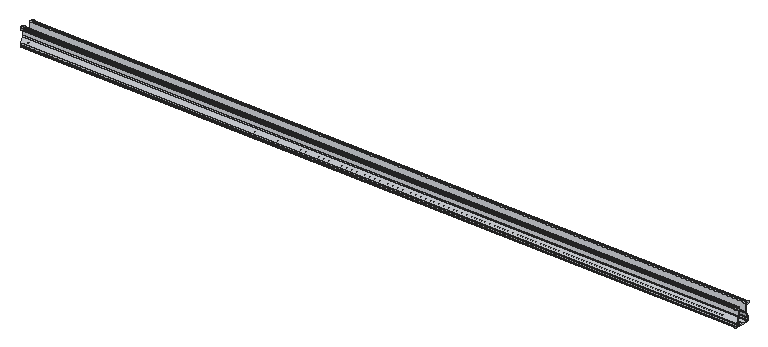
Revit family "43TSC3.00 18g Bottom Chord", category Structural Framing, Revit 2020
Family settings
  Section Shape = Not Defined
  Material for Model Behavior = Steel
  Always export as geometry = No
  OmniClass Number = 23.25.30.11.14.14
  OmniClass Title = Beams
  Always vertical = Yes
  Cut with Voids When Loaded = No
  Symbolic Representation = From Family
  Shared = No
  Show family pre-cut in plan views = Yes
Parameters
  Weight lbs per ft [instance] = 1.5838
  URL = "https://www.trussteel.com/details_files/pdf/ts008a.pdf"
  Total Member Weight lbs [instance] = Length / 1' 0" * Weight lbs per ft  # 15.838
  Structural Material = ASTM A653 SS Grade 55 G90
  Steel Design Thickness (in) [instance] = 0.0451
  Model = "43TSC3.00"
  Manufacturer = "TrusSteel"
  Length [instance] = 10' - 0"
  Fy (ksi) [instance] = 55
  Fu (ksi) [instance] = 65
  Description = "Chord"
  Cross Section Area (in2) [instance] = 0.4658
  Beam Width = 0' - 2 1/2"
  Beam Height = 0' - 3"
Reference planes (in)
  plane 1 "Center (Front/Back)": y = 0
  plane 2 "Center El.": z = 0
  plane 3 "Center (Left/Right)": x = 0
  plane 4 "Left": x = -60
  plane 5 "Right": x = 60
Forms (in)
  Extrusion 1, solid
    sketch origin (0, 0, 0) x (0, 1, 0) y (0, 0, 1)
      loop
        line (0.75, 2.8949) -> (0.75, 1.57587)
        arc (0.75, 1.57587) -> (0.75897, 1.49217) -> (0.78546, 1.41227) r 0.3951
        line (0.78546, 1.41227) -> (1.17349, 0.55928)
        arc (1.17349, 0.55928) -> (1.19696, 0.4885) -> (1.2049, 0.41436) r 0.35
        line (1.2049, 0.41436) -> (1.2049, 0.1391)
        arc (1.2049, 0.1391) -> (1.17737, 0.07263) -> (1.1109, 0.0451) r 0.094
        line (1.1109, 0.0451) -> (0.245, 0.0451)
        arc (0.245, 0.0451) -> (0.21319, 0.05275) -> (0.18832, 0.07402) r 0.07
        arc (0.18832, 0.07402) -> (0, 0.1701) -> (-0.18832, 0.07402) r 0.2326
        arc (-0.18832, 0.07402) -> (-0.21319, 0.05275) -> (-0.245, 0.0451) r 0.07
        line (-0.245, 0.0451) -> (-1.1109, 0.0451)
        arc (-1.1109, 0.0451) -> (-1.17737, 0.07263) -> (-1.2049, 0.1391) r 0.094
        line (-1.2049, 0.1391) -> (-1.2049, 0.41436)
        arc (-1.2049, 0.41436) -> (-1.19696, 0.4885) -> (-1.17349, 0.55928) r 0.35
        line (-1.17349, 0.55928) -> (-0.78546, 1.41227)
        arc (-0.78546, 1.41227) -> (-0.75897, 1.49217) -> (-0.75, 1.57587) r 0.3951
        line (-0.75, 1.57587) -> (-0.75, 2.8949)
        arc (-0.75, 2.8949) -> (-0.78078, 2.96922) -> (-0.8551, 3) r 0.1051
        line (-0.8551, 3) -> (-1.1449, 3)
        arc (-1.1449, 3) -> (-1.21922, 2.96922) -> (-1.25, 2.8949) r 0.1051
        line (-1.25, 2.8949) -> (-1.25, 2.7301)
        arc (-1.25, 2.7301) -> (-1.21922, 2.65578) -> (-1.1449, 2.625) r 0.1051
        line (-1.1449, 2.625) -> (-1, 2.625) -> (-1, 2.6701) -> (-1.1449, 2.6701)
        arc (-1.1449, 2.6701) -> (-1.18733, 2.68767) -> (-1.2049, 2.7301) r 0.06
        line (-1.2049, 2.7301) -> (-1.2049, 2.8949)
        arc (-1.2049, 2.8949) -> (-1.18733, 2.93733) -> (-1.1449, 2.9549) r 0.06
        line (-1.1449, 2.9549) -> (-0.8551, 2.9549)
        arc (-0.8551, 2.9549) -> (-0.81267, 2.93733) -> (-0.7951, 2.8949) r 0.06
        line (-0.7951, 2.8949) -> (-0.7951, 1.57587)
        arc (-0.7951, 1.57587) -> (-0.80304, 1.50172) -> (-0.82651, 1.43094) r 0.35
        line (-0.82651, 1.43094) -> (-1.21454, 0.57796)
        arc (-1.21454, 0.57796) -> (-1.24103, 0.49806) -> (-1.25, 0.41436) r 0.3951
        line (-1.25, 0.41436) -> (-1.25, 0.1391)
        arc (-1.25, 0.1391) -> (-1.20926, 0.04074) -> (-1.1109, 0) r 0.1391
        line (-1.1109, 0) -> (-0.245, 0)
        arc (-0.245, 0) -> (-0.19269, 0.01257) -> (-0.15181, 0.04755) r 0.1151
        arc (-0.15181, 0.04755) -> (0, 0.125) -> (0.15181, 0.04755) r 0.1875
        arc (0.15181, 0.04755) -> (0.19269, 0.01257) -> (0.245, 0) r 0.1151
        line (0.245, 0) -> (1.1109, 0)
        arc (1.1109, 0) -> (1.20926, 0.04074) -> (1.25, 0.1391) r 0.1391
        line (1.25, 0.1391) -> (1.25, 0.41436)
        arc (1.25, 0.41436) -> (1.24103, 0.49806) -> (1.21454, 0.57796) r 0.3951
        line (1.21454, 0.57796) -> (0.82651, 1.43094)
        arc (0.82651, 1.43094) -> (0.80304, 1.50172) -> (0.7951, 1.57587) r 0.35
        line (0.7951, 1.57587) -> (0.7951, 2.8949)
        arc (0.7951, 2.8949) -> (0.81267, 2.93733) -> (0.8551, 2.9549) r 0.06
        line (0.8551, 2.9549) -> (1.1449, 2.9549)
        arc (1.1449, 2.9549) -> (1.18733, 2.93733) -> (1.2049, 2.8949) r 0.06
        line (1.2049, 2.8949) -> (1.2049, 2.7301)
        arc (1.2049, 2.7301) -> (1.18733, 2.68767) -> (1.1449, 2.6701) r 0.06
        line (1.1449, 2.6701) -> (1, 2.6701) -> (1, 2.625) -> (1.1449, 2.625)
        arc (1.1449, 2.625) -> (1.21922, 2.65578) -> (1.25, 2.7301) r 0.1051
        line (1.25, 2.7301) -> (1.25, 2.8949)
        arc (1.25, 2.8949) -> (1.21922, 2.96922) -> (1.1449, 3) r 0.1051
        line (1.1449, 3) -> (0.8551, 3)
        arc (0.8551, 3) -> (0.78078, 2.96922) -> (0.75, 2.8949) r 0.1051
    from -60 to 60
Dimensions and locks (in)
  equal spacing: plane 4 "Left", plane 3 "Center (Left/Right)", plane 5 "Right"
  "Length": plane 4 "Left" to plane 5 "Right"
  "Beam Width": Extrusion 1 to Extrusion 1
  "Beam Height": Extrusion 1 to Extrusion 1
  aligned and locked: level to plane 2 "Center El."
  aligned and locked: plane 4 "Left" to Extrusion 1
  aligned and locked: Extrusion 1 to plane 5 "Right"
Automatic sketch dimensions
  Extrusion 1 sketch curve to Extrusion 1 sketch curve = 0' - 0"  (x33)
  Extrusion 1 sketch curve to level = 0' - 0"  (x2)
  Extrusion 1 sketch curve to plane 1 "Center (Front/Back)" = 0' - 0"
  level to Extrusion 1 sketch curve = 0' - 0.0451"  (x2)
  plane 1 "Center (Front/Back)" to Extrusion 1 sketch curve = 0' - 0.245"
  plane 1 "Center (Front/Back)" to Extrusion 1 sketch curve = 0' - 0 3/4"
  Extrusion 1 sketch curve to Extrusion 1 sketch curve = 0' - 0.03546"  (x2)
  Extrusion 1 sketch curve to Extrusion 1 sketch curve = 0' - 0.0451"  (x2)
  Extrusion 1 sketch curve to Extrusion 1 sketch curve = 0' - 0.04105"  (x2)
  Extrusion 1 sketch curve to Extrusion 1 sketch curve = 0' - 0.6099"  (x2)
  Extrusion 1 sketch curve to Extrusion 1 sketch curve = 0' - 0.06"  (x4)
  Extrusion 1 sketch curve to Extrusion 1 sketch curve = 0' - 0.1449"  (x5)
  level to Extrusion 1 sketch curve = 0' - 0.1391"
  Extrusion 1 sketch curve to Extrusion 1 sketch curve = 0' - 0.256"  (x2)
  Extrusion 1 sketch curve to Extrusion 1 sketch curve = 0' - 0.35"  (x2)
  level to Extrusion 1 sketch curve = 0' - 0.55928"  (x2)
  Extrusion 1 sketch curve to Extrusion 1 sketch curve = 0' - 0.03141"  (x2)
  level to Extrusion 1 sketch curve = 0' - 0.57796"  (x2)
  level to Extrusion 1 sketch curve = 0' - 0.1151"
  Extrusion 1 sketch curve to plane 1 "Center (Front/Back)" = 0' - 0.245"
  Extrusion 1 sketch curve to plane 1 "Center (Front/Back)" = 0' - 0 3/4"
  Extrusion 1 sketch curve to Extrusion 1 sketch curve = 0' - 0.31859"
  Extrusion 1 sketch curve to level = 0' - 0 1/16"
  Extrusion 1 sketch curve to Extrusion 1 sketch curve = 0' - 0.07"
  Extrusion 1 sketch curve to Extrusion 1 sketch curve = 0' - 0.85299"  (x2)
  Extrusion 1 sketch curve to Extrusion 1 sketch curve = 0' - 1.04913"  (x2)
  Extrusion 1 sketch curve to Extrusion 1 sketch curve = 0' - 0.1648"  (x2)
